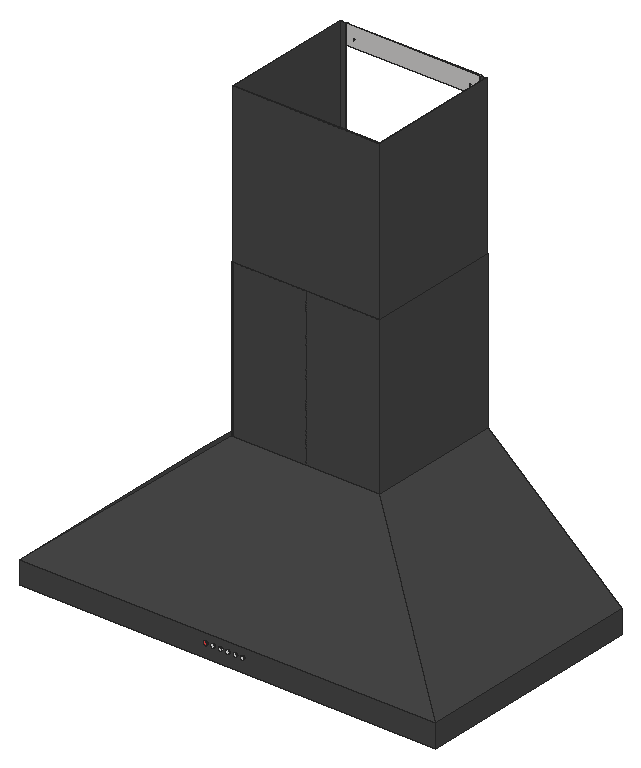
Revit family "FP_Revit_18_HC90PCB1_Rangehood_90001870A", category Specialty Equipment, Revit 2018
Family settings
  Round Connector Dimension = Use Diameter
  Part Type = Normal
  OmniClass Number = 23.40.40.00
  OmniClass Title = Food Service Equipment and Furnishings
  Work Plane-Based = No
  Always vertical = Yes
  Cut with Voids When Loaded = Yes
  Shared = No
  Room Calculation Point = No
Parameters (values of type "HC90PCB1")
  Visibility - Upper Chimney Extension [instance] = yes
  URL = "www.fisherpaykel.com"
  Product - Width = 898 mm  # constant formula
  Product - Height (636mm - 975mm) Ducted [instance] = 975 mm
  Product - Depth = 500 mm  # constant formula
  Model = "HC90PCB1"
  Material - COLOUR CHANGE = Fisher & Paykel - Black
  Material - Buttons and Dials = Fisher & Paykel - Steel, Chrome Plated
  Material - Body = Fisher & Paykel - Stainless Steel
  Manufacturer = "Fisher & Paykel Appliances"
  FFL Offset [instance] = 1565 mm
  Description = "90cm Rangehood"
  Connector Description - Extraction = "150mm rigid or  semi-rigid ducting, 780m³/hr"
  Connector Description - Electrical = "230 V, 50Hz"
  Chassis - Width = 320 mm  # constant formula
  Chassis - Height = 298 mm  # constant formula
  Chassis - Depth = 290 mm  # constant formula
Types (5, lengths in mm): name | Model | Material - COLOUR CHANGE
  (no name) | "HC90PCB1" | Fisher & Paykel - Black
  HC90PCB1 | "HC90PCB1" | Fisher & Paykel - Black
  HC90PCR1 | "HC90PCR1" | Fisher & Paykel - Red
  HC90PCTX1 | "HC90PCTX1" | Fisher & Paykel - Stainless Steel
  HC90PCW1 | "HC90PCW1" | Fisher & Paykel - White
Reference planes
  plane 1 "Datum": y = 0
  plane 2: z = 0
  plane 3 "Center (Left/Right)": x = 0
  plane 4 "Product - Height": z = 2540
  plane 5 "Product LHS": x = -449
  plane 6 "Product RHS": x = 449
  plane 7 "Product - Depth": y = -500
  plane 8 "Cavity LHS": x = -160
  plane 9 "Cavity RHS": x = 160
  plane 10 "Chassis - Depth": y = -290
  plane 11 "FFL Offset": z = 1565
  plane 12 "Chassis - Height": z = 1863
Forms (mm)
  Extrusion 1, solid, material "Fisher & Paykel - Black" <- "Material - COLOUR CHANGE"
    sketch origin (0, 0, 0) x (1, 0, 0) y (0, 1, 0)
      loop
        line (-145, 0) -> (-160, 0) -> (-160, -290) -> (0, -290) -> (160, -290) -> (160, 0) -> (145, 0) -> (145, -1) -> (159, -1) -> (159, -289) -> (-159, -289) -> (-159, -1) -> (-145, -1) -> (-145, 0)
    from 1863 to 2200
  Extrusion 2, solid, material "Fisher & Paykel - Black" <- "Material - COLOUR CHANGE", visible <- "Visibility - Upper Chimney Extension"
    sketch origin (0, 0, 0) x (1, 0, 0) y (0, 1, 0)
      loop
        line (-158, -2) -> (-145, -2) -> (-145, -1) -> (-159, -1) -> (-159, -289) -> (159, -289) -> (159, -1) -> (145, -1) -> (145, -2) -> (158, -2) -> (158, -288.044) -> (-158, -288.044) -> (-158, -2)
    from 2190 to 2540
  Extrusion 3, solid, material "Fisher & Paykel - Stainless Steel" <- "Material - Body"
    sketch origin (0, 0, 0) x (1, 0, 0) y (0, 1, 0)
      loop
        circle (0, -87.6) r 75
      loop
        circle (0, -87.6) r 74
    from 1850 to 1897.007
  Extrusion 4, solid, material "Fisher & Paykel - Stainless Steel" <- "Material - Body", visible <- "Visibility - Upper Chimney Extension"
    sketch origin (0, 0, 7) x (1, 0, 0) y (0, 0, 1)
      loop
        line (-145, 2491.596) -> (145, 2491.596) -> (145, 2533) -> (-145, 2533) -> (-145, 2491.596)
      loop
        circle (125, 2508) r 2.5
      loop
        circle (-125, 2508) r 2.5
    from 0 to 2
  Extrusion 5, solid, material "Fisher & Paykel - Steel, Chrome Plated" <- "Material - Buttons and Dials", detail levels fine
    sketch origin (0, 0, 565) x (1, 0, 0) y (0, 0, 1)
      loop
        circle (-32, 1029.1) r 3.958
      loop
        circle (-16, 1029.1) r 3.958
      loop
        circle (0, 1029.1) r 3.958
      loop
        circle (16, 1029.1) r 3.958
      loop
        circle (32, 1029.1) r 3.958
    from 501 to 500
  Extrusion 6, void
    sketch origin (0, 0, 0) x (1, 0, 0) y (0, 1, 0)
      loop
        line (-427.4, -479.9) -> (427.4, -479.9) -> (427.4, -89.9) -> (-427.4, -89.9) -> (-427.4, -479.9)
      loop
        circle (-217.5, -42) r 25
      loop
        circle (217.5, -42) r 25
    from 1565 to 1574
  Extrusion 7, solid, material "Fisher & Paykel - Stainless Steel" <- "Material - Body", detail levels fine
    sketch origin (0, 0, 0) x (1, 0, 0) y (0, 1, 0)
      loop
        line (142.7, -89.9) -> (142.7, -479.9) -> (427.4, -479.9) -> (427.4, -89.9) -> (142.7, -89.9)
      loop
        line (417.55, -469.9) -> (417.55, -99.9) -> (152.2, -99.9) -> (152.2, -469.9) -> (252.55, -469.9) -> (252.55, -409.9) -> (317.55, -409.9) -> (317.55, -469.9) -> (417.55, -469.9)
      loop
        line (269.45, -428.3) -> (269.45, -468.3) -> (300.65, -468.3) -> (300.65, -428.3) -> (269.45, -428.3)
      loop
        line (274.65, -433.5) -> (274.65, -463.1) -> (295.45, -463.1) -> (295.45, -433.5) -> (274.65, -433.5)
      loop
        line (274.85, -442.6) -> (274.85, -462.9) -> (295.25, -462.9) -> (295.25, -442.6) -> (274.85, -442.6)
      loop
        line (-142.7, -89.9) -> (-427.4, -89.9) -> (-427.4, -479.9) -> (-142.7, -479.9) -> (-142.7, -89.9)
      loop
        line (-417.55, -469.9) -> (-317.55, -469.9) -> (-317.55, -409.9) -> (-252.55, -409.9) -> (-252.55, -469.9) -> (-152.2, -469.9) -> (-152.2, -99.9) -> (-417.55, -99.9) -> (-417.55, -469.9)
      loop
        line (-269.45, -428.3) -> (-300.65, -428.3) -> (-300.65, -468.3) -> (-269.45, -468.3) -> (-269.45, -428.3)
      loop
        line (-274.65, -433.5) -> (-295.45, -433.5) -> (-295.45, -463.1) -> (-274.65, -463.1) -> (-274.65, -433.5)
      loop
        line (-274.85, -442.6) -> (-295.25, -442.6) -> (-295.25, -462.9) -> (-274.85, -462.9) -> (-274.85, -442.6)
      loop
        line (-142.35, -89.9) -> (-142.35, -479.9) -> (142.35, -479.9) -> (142.35, -89.9) -> (-142.35, -89.9)
      loop
        line (132.5, -469.9) -> (132.5, -99.9) -> (-132.85, -99.9) -> (-132.85, -469.9) -> (-32.5, -469.9) -> (-32.5, -409.9) -> (32.5, -409.9) -> (32.5, -469.9) -> (132.5, -469.9)
      loop
        line (-15.6, -428.3) -> (-15.6, -468.3) -> (15.6, -468.3) -> (15.6, -428.3) -> (-15.6, -428.3)
      loop
        line (-10.4, -433.5) -> (-10.4, -463.1) -> (10.4, -463.1) -> (10.4, -433.5) -> (-10.4, -433.5)
      loop
        line (-10.2, -442.6) -> (-10.2, -462.9) -> (10.2, -462.9) -> (10.2, -442.6) -> (-10.2, -442.6)
      loop
        line (268.45, -427.3) -> (268.45, -469.3) -> (301.65, -469.3) -> (301.65, -427.3) -> (268.45, -427.3)
      loop
        line (-16.6, -427.3) -> (-16.6, -469.3) -> (16.6, -469.3) -> (16.6, -427.3) -> (-16.6, -427.3)
      loop
        line (-268.45, -427.3) -> (-301.65, -427.3) -> (-301.65, -469.3) -> (-268.45, -469.3) -> (-268.45, -427.3)
    from 1566 to 1574
  Extrusion 8, solid, material "Fisher & Paykel - Aluminium", detail levels medium+fine
    sketch origin (0, 0, 0) x (1, 0, 0) y (0, 1, 0)
      loop
        line (152.2, -99.9) -> (152.2, -469.9) -> (252.55, -469.9) -> (252.55, -409.9) -> (317.55, -409.9) -> (317.55, -469.9) -> (417.55, -469.9) -> (417.55, -99.9) -> (152.2, -99.9)
      loop
        line (-152.2, -99.9) -> (-417.55, -99.9) -> (-417.55, -469.9) -> (-317.55, -469.9) -> (-317.55, -409.9) -> (-252.55, -409.9) -> (-252.55, -469.9) -> (-152.2, -469.9) -> (-152.2, -99.9)
      loop
        line (-132.675, -99.9) -> (-132.675, -469.9) -> (-32.325, -469.9) -> (-32.325, -409.9) -> (32.675, -409.9) -> (32.675, -469.9) -> (132.675, -469.9) -> (132.675, -99.9) -> (-132.675, -99.9)
    from 1566 to 1574
  Extrusion 9, void
    sketch origin (0, 0, 0) x (1, 0, 0) y (0, 0, 1)
      loop
        line (-449, 1863) -> (-449, 1615) -> (-160, 1863) -> (-449, 1863)
      loop
        line (449, 1863) -> (160, 1863) -> (449, 1615) -> (449, 1863)
    from 0 to 500
  Extrusion 10, solid, material "Fisher & Paykel - Black" <- "Material - COLOUR CHANGE"
    sketch origin (0, 0, 0) x (0, 1, 0) y (0, 0, 1)
      loop
        line (-500, 1565) -> (0, 1565) -> (0, 1863) -> (-290, 1863) -> (-500, 1615) -> (-500, 1565)
    from -449 to 449
  Extrusion 11, solid, material "Fisher & Paykel - Stainless Steel" <- "Material - Body", detail levels medium+fine
    sketch origin (0, 0, 0) x (1, 0, 0) y (0, 1, 0)
      loop
        circle (90.933, -33) r 3
    from 1897.007 to 1850
  Extrusion 12, solid, material "Fisher & Paykel - Steel, Chrome Plated" <- "Material - Buttons and Dials", detail levels medium+fine
    sketch origin (0, 0, 0) x (1, 0, 0) y (0, 1, 0)
      loop
        circle (-217.5, -42) r 25
      loop
        circle (-217.5, -42) r 22
      loop
        circle (217.5, -42) r 25
      loop
        circle (217.5, -42) r 22
    from 1565 to 1574
  Extrusion 13, solid, material "Fisher & Paykel - White Bezel", detail levels fine
    sketch origin (0, 0, 0) x (1, 0, 0) y (0, 1, 0)
      loop
        circle (-217.5, -42) r 22
      loop
        circle (217.5, -42) r 22
    from 1565 to 1574
  Extrusion 14, void
    sketch origin (0, 0, 0) x (1, 0, 0) y (0, 0, 1)
      loop
        circle (254, 1612) r 2.5
      loop
        circle (125, 1859) r 2.5
      loop
        circle (-254, 1610) r 2.5
      loop
        circle (-125, 1859) r 2.5
    from 0 to 7
  Extrusion 15, solid, material "Fisher & Paykel - Stainless Steel" <- "Material - Body"
    sketch origin (0, 0, 0) x (1, 0, 0) y (0, 0, 1)
      loop
        line (-145, 2183) -> (-145, 2143) -> (145, 2143) -> (145, 2183) -> (-145, 2183)
      loop
        circle (125, 2161) r 2.5
      loop
        circle (-125, 2161) r 2.5
    from 0 to 2
  Extrusion 16, void
    sketch origin (0, 0, 0) x (1, 0, 0) y (0, 1, 0)
      loop
        line (-159, -289) -> (159, -289) -> (159, -2) -> (-159, -2) -> (-159, -289)
    from 1850 to 1863
  Extrusion 17, solid, material "Fisher & Paykel - Bezel Red", detail levels fine
    sketch origin (0, 0, 0) x (1, 0, 0) y (0, 0, 1)
      loop
        circle (-48, 1594.1) r 4.044
    from 500 to 501
Cuts and joins
  Extrusion 6, Extrusion 9, Extrusion 14, Extrusion 16 cuts Extrusion 10
  joined: Extrusion 1, Extrusion 10
  Extrusion 14 cuts Extrusion 4
  Extrusion 14 cuts Extrusion 15
Text (mm)
  text "Due to ongoing product development, product details are subject to change without notice. \nPlease always refer to www.fisherpaykel.com for the most current product information. \n© Fisher & Paykel 2020" at (41.04, -1225.549, 0), in view "Ref. Level (Plan)"
Dimensions and locks
  equal spacing: plane 5 "Product LHS", plane 3 "Center (Left/Right)", plane 6 "Product RHS"
  equal spacing: plane 8 "Cavity LHS", plane 3 "Center (Left/Right)", plane 9 "Cavity RHS"
  "Chassis - Width": plane 8 "Cavity LHS" to plane 9 "Cavity RHS"
  locked: Extrusion 1 sketch curve to Extrusion 1 sketch curve at 1  (x3)
  "FFL Offset": plane 11 "FFL Offset" to level
  "Product - Height (636mm - 975mm) Ducted": plane 4 "Product - Height" to plane 11 "FFL Offset"
  locked: Extrusion 8 to plane 11 "FFL Offset" at 9
  locked: Extrusion 7 to plane 11 "FFL Offset" at 1
  locked: Extrusion 1 to plane 11 "FFL Offset" at 635
  "Chassis - Depth": plane 10 "Chassis - Depth" to plane 1 "Datum"
  "Product - Width": plane 5 "Product LHS" to plane 6 "Product RHS"
  "Product - Depth": plane 1 "Datum" to plane 7 "Product - Depth"
  "Chassis - Height": plane 12 "Chassis - Height" to plane 11 "FFL Offset"
  locked: plane 11 "FFL Offset" to Extrusion 14 sketch curve at 294
  locked: plane 4 "Product - Height" to Extrusion 2 at 350
  locked: Extrusion 3 to plane 11 "FFL Offset" at 332.007
  locked: plane 11 "FFL Offset" to cut or joined group of Extrusion 1, Extrusion 6, Extrusion 9, Extrusion 10, Extrusion 14, Extrusion 16 at 285
  locked: plane 11 "FFL Offset" to cut or joined group of Extrusion 14, Extrusion 15 at 596
  locked: plane 11 "FFL Offset" to cut or joined group of Extrusion 14, Extrusion 15 at 618
  locked: plane 11 "FFL Offset" to cut or joined group of Extrusion 14, Extrusion 15 at 578
  cut or joined group of Extrusion 4, Extrusion 14 to plane 4 "Product - Height" = 41.404 mm
  locked: cut or joined group of Extrusion 4, Extrusion 14 to plane 4 "Product - Height" at 25
  locked: plane 11 "FFL Offset" to cut or joined group of Extrusion 1, Extrusion 6, Extrusion 9, Extrusion 10, Extrusion 14, Extrusion 16 at 294
  locked: plane 11 "FFL Offset" to Extrusion 14 sketch curve at 47
  locked: plane 11 "FFL Offset" to cut or joined group of Extrusion 1, Extrusion 6, Extrusion 9, Extrusion 10, Extrusion 14, Extrusion 16 at 47
  aligned and locked: level to plane 2
  aligned and locked: Extrusion 1 sketch curve to plane 8 "Cavity LHS"
  aligned and locked: plane 9 "Cavity RHS" to Extrusion 1 sketch curve
  aligned and locked: plane 10 "Chassis - Depth" to Extrusion 1 sketch curve
  aligned and locked: plane 4 "Product - Height" to Extrusion 2
  aligned and locked: Extrusion 10 to plane 6 "Product RHS"
  aligned and locked: plane 5 "Product LHS" to Extrusion 10
  aligned and locked: Extrusion 7 to Extrusion 8  (x2)
  aligned and locked: Extrusion 6 to Extrusion 7
  aligned and locked: cut or joined group of Extrusion 1, Extrusion 6, Extrusion 9, Extrusion 10, Extrusion 14, Extrusion 16 to plane 11 "FFL Offset"
  aligned and locked: Extrusion 12 to Extrusion 7
  aligned and locked: Extrusion 13 to Extrusion 7
  aligned and locked: Extrusion 13 to plane 11 "FFL Offset"
  aligned and locked: Extrusion 12 to plane 11 "FFL Offset"
  aligned and locked: plane 4 "Product - Height" to Extrusion 4
  aligned and locked: Extrusion 1 to plane 12 "Chassis - Height"
  aligned and locked: plane 7 "Product - Depth" to Extrusion 5
  aligned and locked: plane 7 "Product - Depth" to Extrusion 17
  aligned and locked: Extrusion 16 to Extrusion 1
  aligned and locked: cut or joined group of Extrusion 1, Extrusion 6, Extrusion 9, Extrusion 10, Extrusion 14, Extrusion 16 to Extrusion 3
  aligned and locked: Extrusion 3 to Extrusion 11
  aligned and locked: cut or joined group of Extrusion 1, Extrusion 6, Extrusion 9, Extrusion 10, Extrusion 14, Extrusion 16 to Extrusion 11
  aligned and locked: cut or joined group of Extrusion 4, Extrusion 14 to Extrusion 2
  aligned and locked: cut or joined group of Extrusion 14, Extrusion 15 to Extrusion 2
Automatic sketch dimensions
  Extrusion 2 sketch curve to plane 8 "Cavity LHS" = 1 mm
  Extrusion 2 sketch curve to Extrusion 2 sketch curve = 1 mm
  plane 1 "Datum" to Extrusion 2 sketch curve = 2 mm  (x2)
  Extrusion 2 sketch curve to Extrusion 2 sketch curve = 13 mm
  plane 9 "Cavity RHS" to Extrusion 2 sketch curve = 15 mm
  plane 9 "Cavity RHS" to Extrusion 2 sketch curve = 2 mm
  plane 9 "Cavity RHS" to Extrusion 2 sketch curve = 1 mm
  plane 10 "Chassis - Depth" to Extrusion 2 sketch curve = 1.956 mm
  plane 10 "Chassis - Depth" to Extrusion 2 sketch curve = 1 mm
  plane 1 "Datum" to Extrusion 2 sketch curve = 1 mm  (x2)
  Extrusion 4 sketch curve to plane 4 "Product - Height" = 0 mm
  Extrusion 4 sketch curve to plane 8 "Cavity LHS" = 15 mm
  Extrusion 4 sketch curve to plane 8 "Cavity LHS" = 35 mm
  plane 9 "Cavity RHS" to Extrusion 4 sketch curve = 35 mm
  plane 9 "Cavity RHS" to Extrusion 4 sketch curve = 15 mm
  Extrusion 4 sketch curve to plane 4 "Product - Height" = 25 mm  (x2)
  Extrusion 4 sketch curve to Extrusion 4 sketch curve = 16.404 mm
  Extrusion 6 sketch curve to plane 5 "Product LHS" = 21.6 mm
  plane 8 "Cavity LHS" to Extrusion 6 sketch curve = 57.5 mm
  Extrusion 6 sketch curve to plane 9 "Cavity RHS" = 57.5 mm
  plane 6 "Product RHS" to Extrusion 6 sketch curve = 21.6 mm
  plane 7 "Product - Depth" to Extrusion 6 sketch curve = 20.1 mm
  plane 1 "Datum" to Extrusion 6 sketch curve = 89.9 mm
  plane 1 "Datum" to Extrusion 6 sketch curve = 42 mm  (x2)
  plane 9 "Cavity RHS" to Extrusion 11 sketch curve = 69.067 mm
  plane 10 "Chassis - Depth" to Extrusion 11 sketch curve = 257 mm
  Extrusion 12 sketch curve to Extrusion 12 sketch curve = 0 mm  (x4)
  plane 8 "Cavity LHS" to Extrusion 12 sketch curve = 57.5 mm
  Extrusion 12 sketch curve to plane 9 "Cavity RHS" = 57.5 mm
  plane 1 "Datum" to Extrusion 12 sketch curve = 42 mm  (x2)
  plane 8 "Cavity LHS" to Extrusion 13 sketch curve = 57.5 mm
  Extrusion 13 sketch curve to plane 9 "Cavity RHS" = 57.5 mm
  plane 1 "Datum" to Extrusion 13 sketch curve = 42 mm  (x2)
  plane 11 "FFL Offset" to Extrusion 14 sketch curve = 45 mm
  plane 8 "Cavity LHS" to Extrusion 14 sketch curve = 94 mm
  Extrusion 14 sketch curve to plane 12 "Chassis - Height" = 4 mm
  Extrusion 14 sketch curve to plane 8 "Cavity LHS" = 35 mm
  plane 9 "Cavity RHS" to Extrusion 14 sketch curve = 35 mm
  Extrusion 14 sketch curve to plane 9 "Cavity RHS" = 94 mm
  Extrusion 15 sketch curve to plane 8 "Cavity LHS" = 15 mm
  Extrusion 15 sketch curve to plane 8 "Cavity LHS" = 35 mm
  plane 9 "Cavity RHS" to Extrusion 15 sketch curve = 35 mm
  plane 9 "Cavity RHS" to Extrusion 15 sketch curve = 15 mm
  plane 12 "Chassis - Height" to Extrusion 15 sketch curve = 280 mm
  Extrusion 15 sketch curve to Extrusion 15 sketch curve = 18 mm  (x2)
  Extrusion 15 sketch curve to Extrusion 15 sketch curve = 22 mm
  plane 1 "Datum" to Extrusion 1 sketch curve = 0 mm  (x2)
  Extrusion 1 sketch curve to plane 3 "Center (Left/Right)" = 0 mm
  plane 1 "Datum" to Extrusion 1 sketch curve = 1 mm  (x2)
  Extrusion 1 sketch curve to Extrusion 1 sketch curve = 14 mm  (x2)
  Extrusion 10 sketch curve to plane 7 "Product - Depth" = 0 mm
  Extrusion 10 sketch curve to plane 12 "Chassis - Height" = 0 mm
  Extrusion 10 sketch curve to plane 10 "Chassis - Depth" = 0 mm
  Extrusion 10 sketch curve to plane 1 "Datum" = 0 mm
  Extrusion 10 sketch curve to plane 11 "FFL Offset" = 0 mm
  Extrusion 10 sketch curve to Extrusion 10 sketch curve = 50 mm
  plane 5 "Product LHS" to Extrusion 9 sketch curve = 0 mm
  plane 8 "Cavity LHS" to Extrusion 9 sketch curve = 0 mm
  plane 9 "Cavity RHS" to Extrusion 9 sketch curve = 0 mm
  plane 6 "Product RHS" to Extrusion 9 sketch curve = 0 mm
  Extrusion 9 sketch curve to plane 12 "Chassis - Height" = 0 mm  (x2)
  plane 11 "FFL Offset" to Extrusion 9 sketch curve = 50 mm  (x2)
  Extrusion 5 sketch curve to plane 3 "Center (Left/Right)" = 0 mm
  Extrusion 5 sketch curve to plane 3 "Center (Left/Right)" = 16 mm
  Extrusion 5 sketch curve to Extrusion 5 sketch curve = 16 mm  (x3)
  plane 11 "FFL Offset" to Extrusion 5 sketch curve = 29.1 mm
  Extrusion 5 sketch curve to Extrusion 5 sketch curve = 0 mm  (x4)
  Extrusion 17 sketch curve to plane 3 "Center (Left/Right)" = 48 mm
  plane 11 "FFL Offset" to Extrusion 17 sketch curve = 29.1 mm
  Extrusion 7 sketch curve to plane 5 "Product LHS" = 21.6 mm
  Extrusion 7 sketch curve to Extrusion 7 sketch curve = 9.85 mm  (x3)
  plane 7 "Product - Depth" to Extrusion 7 sketch curve = 30.1 mm  (x4)
  Extrusion 7 sketch curve to Extrusion 7 sketch curve = 100 mm
  Extrusion 7 sketch curve to Extrusion 7 sketch curve = 16.9 mm  (x5)
  Extrusion 7 sketch curve to Extrusion 7 sketch curve = 5.2 mm  (x12)
  Extrusion 7 sketch curve to Extrusion 7 sketch curve = 0.2 mm  (x9)
  Extrusion 7 sketch curve to Extrusion 7 sketch curve = 20.4 mm  (x2)
  Extrusion 7 sketch curve to plane 8 "Cavity LHS" = 7.8 mm
  Extrusion 7 sketch curve to Extrusion 7 sketch curve = 9.5 mm  (x2)
  Extrusion 7 sketch curve to Extrusion 7 sketch curve = 0.35 mm  (x2)
  Extrusion 7 sketch curve to plane 3 "Center (Left/Right)" = 32.5 mm
  Extrusion 7 sketch curve to plane 3 "Center (Left/Right)" = 15.6 mm
  plane 3 "Center (Left/Right)" to Extrusion 7 sketch curve = 10.2 mm
  plane 9 "Cavity RHS" to Extrusion 7 sketch curve = 27.5 mm
  plane 9 "Cavity RHS" to Extrusion 7 sketch curve = 7.8 mm
  Extrusion 7 sketch curve to plane 9 "Cavity RHS" = 92.55 mm
  plane 6 "Product RHS" to Extrusion 7 sketch curve = 31.45 mm
  Extrusion 7 sketch curve to Extrusion 7 sketch curve = 0 mm  (x3)
  Extrusion 7 sketch curve to Extrusion 7 sketch curve = 10 mm  (x5)
  plane 7 "Product - Depth" to Extrusion 7 sketch curve = 20.1 mm
  Extrusion 7 sketch curve to Extrusion 7 sketch curve = 1.6 mm  (x3)
  Extrusion 7 sketch curve to Extrusion 7 sketch curve = 20.3 mm  (x3)
  Extrusion 7 sketch curve to Extrusion 7 sketch curve = 9.1 mm  (x3)
  Extrusion 7 sketch curve to Extrusion 7 sketch curve = 18.4 mm  (x3)
  plane 1 "Datum" to Extrusion 7 sketch curve = 99.9 mm  (x2)
  Extrusion 8 sketch curve to plane 5 "Product LHS" = 31.45 mm
  plane 7 "Product - Depth" to Extrusion 8 sketch curve = 30.1 mm  (x4)
  Extrusion 8 sketch curve to Extrusion 8 sketch curve = 100 mm
  Extrusion 8 sketch curve to Extrusion 8 sketch curve = 65 mm  (x2)
  Extrusion 8 sketch curve to plane 8 "Cavity LHS" = 7.8 mm
  Extrusion 8 sketch curve to Extrusion 8 sketch curve = 19.525 mm
  Extrusion 8 sketch curve to plane 3 "Center (Left/Right)" = 32.325 mm
  plane 3 "Center (Left/Right)" to Extrusion 8 sketch curve = 32.675 mm
  plane 9 "Cavity RHS" to Extrusion 8 sketch curve = 27.325 mm
  plane 9 "Cavity RHS" to Extrusion 8 sketch curve = 7.8 mm
  Extrusion 8 sketch curve to plane 9 "Cavity RHS" = 92.55 mm
  plane 6 "Product RHS" to Extrusion 8 sketch curve = 31.45 mm
  Extrusion 8 sketch curve to Extrusion 8 sketch curve = 0 mm  (x3)
  Extrusion 8 sketch curve to Extrusion 8 sketch curve = 60 mm  (x3)
  plane 1 "Datum" to Extrusion 8 sketch curve = 99.9 mm  (x2)
  Extrusion 3 sketch curve to Extrusion 3 sketch curve = 0 mm  (x2)
  plane 1 "Datum" to Extrusion 3 sketch curve = 87.6 mm
  plane 6 "Product RHS" to Extrusion 3 sketch curve = 449 mm
  plane 1 "Datum" to Extrusion 16 sketch curve = 2 mm
  Extrusion 16 sketch curve to plane 8 "Cavity LHS" = 1 mm
  plane 9 "Cavity RHS" to Extrusion 16 sketch curve = 1 mm
  plane 10 "Chassis - Depth" to Extrusion 16 sketch curve = 1 mm
  Extrusion 7 sketch curve to Extrusion 7 sketch curve = 1 mm  (x12)
  radius of Extrusion 4 sketch curve = 2.5 mm  (x2)
  radius of Extrusion 6 sketch curve = 25 mm  (x2)
  radius of Extrusion 11 sketch curve = 3 mm
  radius of Extrusion 12 sketch curve = 25 mm  (x2)
  radius of Extrusion 12 sketch curve = 22 mm  (x2)
  radius of Extrusion 13 sketch curve = 22 mm  (x2)
  radius of Extrusion 14 sketch curve = 2.5 mm  (x4)
  radius of Extrusion 15 sketch curve = 2.5 mm  (x2)
  radius of Extrusion 5 sketch curve = 3.958 mm  (x5)
  radius of Extrusion 17 sketch curve = 4.044 mm
  radius of Extrusion 3 sketch curve = 75 mm
  radius of Extrusion 3 sketch curve = 74 mm
Connectors
  hvac at (0, -87.6, 1897.007), driven by "Connector Description - Extraction"
    settings: on Extrusion 3, index 1, duct flow 0.0 L/s, flow factor 0, pres drop 0.0 Pa, loss coef 0, conn angle 0.00°, conn width 304.8 mm, conn height 304.8 mm, conn diameter 150 mm, duct sys type 4, conn prof type 0, flow config 0, flow direction 2, loss method 0, conn ref index -1, conn util no, is conn primary yes, conn desc "150mm rigid or  semi-rigid ducting, 780m³/hr"
  electrical at (90.933, -33, 1850), driven by "Connector Description - Electrical"
    settings: on Extrusion 11, index 2, voltage 230 V, apparent load 0 VA, apparent load phase1 0 VA, apparent load phase2 0 VA, apparent load phase3 0 VA, power factor 1, load classification "Other", number of poles 1, system type 30, power factor state 1, is connector primary yes, connector utility no, sub classification motor no, connector description "230 V, 50Hz"
